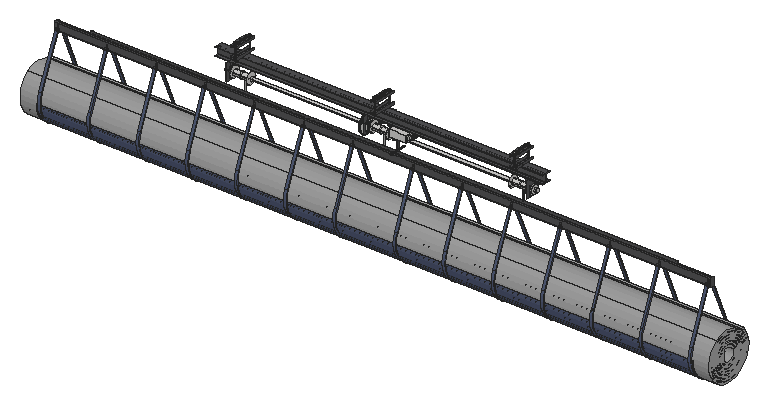
Revit family "Wrestling_Mat_Storage-PSS-4090", category Specialty Equipment, Revit 2018 (continued)
Definition of nested family "Wrestling_Mat_Storage-Hoist-PSS"
  Forms (in)
    Extrusion 57, solid, detail levels medium+fine
      sketch origin (23.0625, 5, 0) x (0, 1, 0) y (0, 0, 1)
        loop
          circle (-9.63644, 6.34421) r 0.125
        loop
          circle (-8.33741, 4.09421) r 0.125
        loop
          circle (-10.93548, 4.09421) r 0.125
      from 0 to 0.375
    Extrusion 58, solid, detail levels medium+fine
      sketch origin (23.0625, 5, 0) x (0, 1, 0) y (0, 0, 1)
        loop
          circle (-9.63644, 4.84421) r 0.375
        loop
          circle (-9.63644, 4.84421) r 0.625
      from 0 to 1
    Extrusion 59, solid, detail levels medium+fine
      sketch origin (10.5625, 5, 0) x (0, 1, 0) y (0, 0, -1)
        loop
          circle (-9.63644, -4.84421) r 1.25
        loop
          circle (-9.63644, -4.84421) r 0.625
      from 0 to 0.75
    Extrusion 60, solid, detail levels medium+fine
      sketch origin (10.5625, 5, 0) x (0, 1, 0) y (0, 0, -1)
        loop
          arc (-9.2615, -6.35091) -> (-9.19234, -6.10596) -> (-9.01154, -5.9268) r 0.5
          arc (-9.01154, -5.9268) -> (-9.63644, -6.09421) -> (-10.26134, -5.9268) r 1.25
          arc (-10.26134, -5.9268) -> (-10.08055, -6.10596) -> (-10.01138, -6.35091) r 0.5
          arc (-10.01138, -6.35091) -> (-9.63644, -6.71921) -> (-9.2615, -6.35091) r 0.375
        loop
          arc (-8.51908, -3.76615) -> (-8.76579, -3.82873) -> (-9.01134, -3.76174) r 0.5
          arc (-9.01134, -3.76174) -> (-8.55391, -4.21921) -> (-8.38644, -4.8441) r 1.25
          arc (-8.38644, -4.8441) -> (-8.32168, -4.59795) -> (-8.14414, -4.41557) r 0.5
          arc (-8.14414, -4.41557) -> (-8.01265, -3.90671) -> (-8.51908, -3.76615) r 0.375
        loop
          arc (-11.12875, -4.41557) -> (-10.95121, -4.59795) -> (-10.88644, -4.8441) r 0.5
          arc (-10.88644, -4.8441) -> (-10.71898, -4.21921) -> (-10.26154, -3.76174) r 1.25
          arc (-10.26154, -3.76174) -> (-10.5071, -3.82873) -> (-10.75381, -3.76615) r 0.5
          arc (-10.75381, -3.76615) -> (-11.26024, -3.90671) -> (-11.12875, -4.41557) r 0.375
        loop
          circle (-9.63644, -6.34421) r 0.125
        loop
          circle (-8.33741, -4.09421) r 0.125
        loop
          circle (-10.93548, -4.09421) r 0.125
      from 0 to 0.375
    Extrusion 61, solid, detail levels medium+fine
      sketch origin (10.5625, 5, 0) x (0, 1, 0) y (0, 0, -1)
        loop
          circle (-9.63644, -4.84421) r 0.375
        loop
          circle (-9.63644, -4.84421) r 0.625
      from 0 to 1
    Extrusion 62, solid, material <- "Superstructure Finish", detail levels medium+fine
      sketch origin (0, 2, 0) x (1, 0, 0) y (0, 1, 0)
        loop
          circle (9.6875, 0) r 0.5
        loop
          circle (9.6875, 0) r 0.375
      from -11 to 2
    Extrusion 63, solid, material <- "Superstructure Finish", detail levels medium+fine
      sketch origin (0, 2, 0) x (1, 0, 0) y (0, 1, 0)
        loop
          circle (9.6875, 0) r 0.5
        loop
          circle (9.6875, 0) r 0.6875
      from 0 to 7.25
    Extrusion 64, solid, material <- "Superstructure Finish", detail levels medium+fine
      sketch origin (9.625, 1.625, 5.33347) x (0, 1, 0) y (0, 0, 1)
        loop
          line (0, -8.58347) -> (0, -7.33347) -> (-1.375, -7.33347)
          arc (-1.375, -7.33347) -> (-2.34727, -6.93075) -> (-2.75, -5.95847) r 1.375
          line (-2.75, -5.95847) -> (-2.75, -0.33347)
          arc (-2.75, -0.33347) -> (-2.82322, -0.1567) -> (-3, -0.08347) r 0.25
          line (-3, -0.08347) -> (-3.75, -0.08347)
          arc (-3.75, -0.08347) -> (-3.92678, -0.1567) -> (-4, -0.33347) r 0.25
          line (-4, -0.33347) -> (-4, -5.95847)
          arc (-4, -5.95847) -> (-3.23116, -7.81463) -> (-1.375, -8.58347) r 2.625
          line (-1.375, -8.58347) -> (0, -8.58347)
        loop
          arc (-3.625, -0.45847) -> (-3.75, -0.58347) -> (-3.625, -0.70847) r 0.125
          line (-3.625, -0.70847) -> (-3.125, -0.70847)
          arc (-3.125, -0.70847) -> (-3, -0.58347) -> (-3.125, -0.45847) r 0.125
          line (-3.125, -0.45847) -> (-3.625, -0.45847)
      from 0 to 0.125
    Extrusion 65, solid, material <- "Superstructure Finish", detail levels medium+fine
      sketch origin (0, 2, 0.25) x (1, 0, 0) y (0, 0, 1)
        loop
          circle (9.6875, -11.25) r 0.5
        loop
          circle (9.6875, -11.25) r 0.375
      from -6 to 6
    Extrusion 66, solid, material <- "Superstructure Finish", detail levels medium+fine
      sketch origin (0, 0, 7.25) x (1, 0, 0) y (0, 1, 0)
        loop
          circle (-7.875, 10.0625) r 0.25
        loop
          circle (-1.375, 10.0625) r 0.25
        loop
          circle (-7.875, 5.1875) r 0.25
        loop
          circle (-1.375, 5.1875) r 0.25
        loop
          line (-9.625, 12.125) -> (-9.625, 3.125) -> (0.375, 3.125) -> (0.375, 12.125) -> (-9.625, 12.125)
      from 0 to 0.5
    Extrusion 67, solid, detail levels fine
      sketch origin (-6.55965, 3.63607, 0) x (1, 0, 0) y (0, 1, 0)
        loop
          circle (-1.31535, 6.42643) r 0.25
        loop
          circle (-1.31535, 1.55143) r 0.25
        loop
          circle (5.18465, 6.42643) r 0.25
        loop
          circle (5.18465, 1.55143) r 0.25
      from 6.625 to 8.375
    Extrusion 68, solid, detail levels fine
      sketch origin (0, 0, -4.625) x (0, -1, 0) y (1, 0, 0)
        loop
          line (-10.46875, -7.64045) -> (-10.46875, -8.10955) -> (-10.0625, -8.3441) -> (-9.65625, -8.10955) -> (-9.65625, -7.64045) -> (-10.0625, -7.4059) -> (-10.46875, -7.64045)
        loop
          line (-10.46875, -1.14045) -> (-10.46875, -1.60955) -> (-10.0625, -1.8441) -> (-9.65625, -1.60955) -> (-9.65625, -1.14045) -> (-10.0625, -0.9059) -> (-10.46875, -1.14045)
        loop
          line (-5.59375, -7.64045) -> (-5.59375, -8.10955) -> (-5.1875, -8.3441) -> (-4.78125, -8.10955) -> (-4.78125, -7.64045) -> (-5.1875, -7.4059) -> (-5.59375, -7.64045)
        loop
          line (-5.59375, -1.14045) -> (-5.59375, -1.60955) -> (-5.1875, -1.8441) -> (-4.78125, -1.60955) -> (-4.78125, -1.14045) -> (-5.1875, -0.9059) -> (-5.59375, -1.14045)
      from 11 to 11.25
    Extrusion 69, solid, detail levels fine
      sketch origin (0, 0, 11.625) x (0, -1, 0) y (1, 0, 0)
        loop
          circle (-6.5, 0) r 0.1875
        loop
          line (-6.78125, 0.16238) -> (-6.78125, -0.16238) -> (-6.5, -0.32476) -> (-6.21875, -0.16238) -> (-6.21875, 0.16238) -> (-6.5, 0.32476) -> (-6.78125, 0.16238)
        loop
          circle (6.5, 0) r 0.1875
        loop
          line (6.78125, 0.16238) -> (6.5, 0.32476) -> (6.21875, 0.16238) -> (6.21875, -0.16238) -> (6.5, -0.32476) -> (6.78125, -0.16238) -> (6.78125, 0.16238)
      from 11 to 11.25
Definition of nested family "Wrestling_Mat_Storage-Sling_Strap-PSS-4090"
  Parameters
    URL = "http://www.perfsports.com/"
    Superstructure Finish = none
    Sling Material = none
    Show Lower Sling = yes
    Manufacturer = "Performance Sports Systems"  # constant formula
    Description = "Sling Strap for Wrestling Mat Storage System"
    Default Elevation = 4' - 0"
    Created By = "Revitus"  # constant formula
    Creator URL = "http://www.revituspro.com/"
    Assembly Code = ""
  Reference planes (in)
    plane 1 "Center (Front/Back)": y = 0
    plane 2: z = 0
    plane 3 "Center (Left/Right)": x = 0
    plane 4: z = -18
    plane 5: z = 41.5
    plane 6: y = 1
    plane 7: y = -1
    plane 8: z = -78
    plane 9: z = -60
    plane 10: z = 44.5
  Forms (in)
    Sweep 1, solid, material <- "Superstructure Finish", detail levels medium+fine
      path origin (0, 0, 0) x (0, 1, 0) y (0, 0, 1)
        loop
          line (1.1875, 44.5) -> (1.1875, 42.375)
          arc (1.1875, 42.375) -> (1.875, 41.6875) -> (2.5625, 42.375) r 0.6875
          line (2.5625, 42.375) -> (2.5625, 43)
      profile origin (0, 1.1875, 43.4375) x (1, 0, 0) y (0, 1, 0)
        loop
          circle (0, 0) r 0.1875
    Sweep 2, solid, material <- "Superstructure Finish", detail levels medium+fine
      path origin (0, 0, 0) x (0, -1, 0) y (0, 0, 1)
        loop
          line (1.1875, 44.5) -> (1.1875, 42.375)
          arc (1.1875, 42.375) -> (1.875, 41.6875) -> (2.5625, 42.375) r 0.6875
          line (2.5625, 42.375) -> (2.5625, 43)
      profile origin (0, -1.1875, 43.4375) x (1, 0, 0) y (0, 1, 0)
        loop
          circle (0, 0) r 0.1875
    Extrusion 3, solid, material <- "Sling Material"
      sketch origin (0, 0, 0) x (0, 1, 0) y (0, 0, 1)
        loop
          line (-16.69533, 7.0556) -> (-1.73676, 42.45134) -> (-1.8519, 42.5) -> (-16.81047, 7.10426)
          arc (-16.81047, 7.10426) -> (0, -18.25) -> (16.81047, 7.10426) r 18.25
          line (16.81047, 7.10426) -> (1.8519, 42.5) -> (1.73676, 42.45134) -> (16.69533, 7.0556)
          arc (16.69533, 7.0556) -> (0, -18.125) -> (-16.69533, 7.0556) r 18.125
      from -1 to 1
    Extrusion 4, solid, material <- "Sling Material", visible <- "Show Lower Sling"
      sketch origin (0, 0, 0) x (0, 1, 0) y (0, 0, 1)
        loop
          line (-18.25, -60) -> (-18.25, 0)
          arc (-18.25, 0) -> (-17.8865, 3.62432) -> (-16.81047, 7.10426) r 18.25
          line (-16.81047, 7.10426) -> (-1.8519, 42.5) -> (-1.96704, 42.54866) -> (-16.92561, 7.15292)
          arc (-16.92561, 7.15292) -> (-18.00901, 3.64914) -> (-18.375, 0) r 18.375
          line (-18.375, 0) -> (-18.375, -60)
          arc (-18.375, -60) -> (0, -78.375) -> (18.375, -60) r 18.375
          line (18.375, -60) -> (18.375, 0)
          arc (18.375, 0) -> (18.00901, 3.64914) -> (16.92561, 7.15292) r 18.375
          line (16.92561, 7.15292) -> (1.96704, 42.54866) -> (1.8519, 42.5) -> (16.81047, 7.10426)
          arc (16.81047, 7.10426) -> (17.8865, 3.62432) -> (18.25, 0) r 18.25
          line (18.25, 0) -> (18.25, -60)
          arc (18.25, -60) -> (0, -78.25) -> (-18.25, -60) r 18.25
      from -1 to 1
  Dimensions and locks (in)
    locked: level to plane 4 at 18
    plane 5 to plane 4 to plane 8 = 4' - 11 1/2" locked, 5' - 0" locked
    locked: plane 9 to plane 8 at 18
    aligned and locked: level to plane 2
Types (3): name | Show Lower Sling | Model | BIM Version
  (no name) | no | "4090" | "v3.1"
  4090 - Single Sling | no | "4090" | "v3.1"
  4090DS - Double Sling Vertical | yes | "4090DS" | "v1.1"
